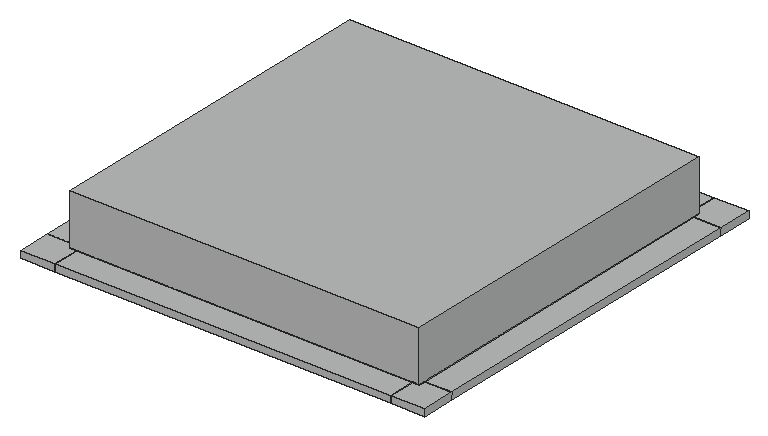
Revit family "ALUMOGIPS", category Осветительные приборы, Revit 2019 (continued)
Types (72, lengths in mm): name | Файл фотометрической сетки | built-in parameter 1150105 | Lumens | built-in parameter 1150106 | built-in parameter 1150142 | Wattage | Emit from Rectangle Width | Emit from Rectangle Length | Длина | Материал светильника | Ширина | ADSK_Ток | ADSK_Полная мощность | ADSK_Обозначение | ADSK_Номинальная мощность | ADSK_Наименование | ADSK_Масса | ADSK_Код изделия
  Alumogips-22/opal-sand 295x295 (IP54, 4000К, белый) | "Светильник ALUMOGIPS-22 OPAL-SAND-(295x295).IES" | 151.2 (stored number, unit not read) | 1900 lm | 1.512 (stored number, unit not read) | "IESNA:LM-63-95\r\n[TEST] Протокол №88\r\n[DATA] 02.08.2016\r\n[MORE] \r\n[MANUFAC] ЗАО \"Центрстройсвет\"\r\n[LUMCAT]  Светильник ALUMOGIPS-22/OPAL-SAND-(295x295)\r\n[LUMINAIRE]\r\n[LAMPCAT] Светодиоды\r\n[LAMP] Поток источника света (светодиодов) не известен\r\n[MORE] КСС приведена в абсолютных величинах кд\r\n[MORE] Вместо потока лампы, указан поток светильника.\r\nTILT=NONE\r\n1    1840 1.0 37 73 1 2 0.295 0.295 0.040\r\n1.0 1.0 23.0\r\n0.0 5.0 10.0 15.0 20.0 25.0 30.0 35.0 40.0 45.0 50.0 55.0 60.0 65.0 70.0 75.0 80.0 85.0 90.0 95.0 100.0 105.0 110.0 115.0 120.0 125.0 130.0 135.0 140.0 145.0 150.0 155.0 160.0 165.0 170.0 175.0 180.0\r\n0.0 5.0 10.0 15.0 20.0 25.0 30.0 35.0 40.0 45.0 50.0 55.0 60.0 65.0 70.0 75.0 80.0 85.0 90.0 95.0 100.0 105.0 110.0 115.0 120.0 125.0 130.0 135.0 140.0 145.0 150.0 155.0 160.0 165.0 170.0 175.0 180.0 185.0 190.0 195.0 200.0 205.0 210.0 215.0 220.0 225.0 230.0 235.0 240.0 245.0 250.0 255.0 260.0 265.0 270.0 275.0 280.0 285.0 290.0 295.0 300.0 305.0 310.0 315.0 320.0 325.0 330.0 335.0 340.0 345.0 350.0 355.0 360.0\r\n704.4 702.6 689.1 668.2 639.7 603.2 562.5 516.5 468.8 417.4 365.6 312.1 259.6 207.6 156.6 108.3 64.3 25.9 1.0 0.0 0.0 0.0 0.0 0.0 0.0 0.0 0.0 0.0 0.0 0.0 0.0 0.0 0.0 0.0 0.0 0.0 0.0\r\n704.4 702.6 688.9 666.9 636.8 601.2 560.9 517.4 467.0 417.5 364.8 312.1 258.9 207.6 156.5 108.3 64.5 26.2 0.8 0.0 0.0 0.0 0.0 0.0 0.0 0.0 0.0 0.0 0.0 0.0 0.0 0.0 0.0 0.0 0.0 0.0 0.0\r\n704.4 702.7 688.1 666.6 636.2 601.8 558.9 514.4 466.5 416.1 364.4 311.1 259.0 206.8 155.7 107.9 64.0 25.6 0.7 0.0 0.0 0.0 0.0 0.0 0.0 0.0 0.0 0.0 0.0 0.0 0.0 0.0 0.0 0.0 0.0 0.0 0.0\r\n704.4 702.8 687.5 665.5 635.7 599.5 558.6 514.9 467.7 415.9 364.3 311.2 257.9 206.3 155.3 107.2 63.6 25.3 0.6 0.0 0.0 0.0 0.0 0.0 0.0 0.0 0.0 0.0 0.0 0.0 0.0 0.0 0.0 0.0 0.0 0.0 0.0\r\n704.4 702.6 687.0 663.7 635.8 599.0 558.1 514.4 465.6 413.9 361.9 310.4 256.5 205.3 154.7 106.6 62.6 24.8 0.4 0.0 0.0 0.0 0.0 0.0 0.0 0.0 0.0 0.0 0.0 0.0 0.0 0.0 0.0 0.0 0.0 0.0 0.0\r\n704.4 702.2 686.0 663.0 633.3 599.1 557.7 512.0 464.8 414.0 362.8 309.2 256.6 205.1 154.2 106.1 62.4 24.4 0.4 0.0 0.0 0.0 0.0 0.0 0.0 0.0 0.0 0.0 0.0 0.0 0.0 0.0 0.0 0.0 0.0 0.0 0.0\r\n704.4 701.7 685.7 662.9 634.4 599.2 558.1 511.9 463.9 414.8 361.7 309.1 256.5 204.4 153.6 105.3 62.2 24.3 0.3 0.0 0.0 0.0 0.0 0.0 0.0 0.0 0.0 0.0 0.0 0.0 0.0 0.0 0.0 0.0 0.0 0.0 0.0\r\n704.4 701.4 685.4 663.3 632.5 597.1 557.3 512.2 463.2 413.2 361.4 307.8 255.6 203.8 153.2 105.6 61.8 24.0 0.3 0.0 0.0 0.0 0.0 0.0 0.0 0.0 0.0 0.0 0.0 0.0 0.0 0.0 0.0 0.0 0.0 0.0 0.0\r\n704.4 701.2 685.3 662.8 633.9 597.9 556.7 511.3 462.0 412.9 360.3 306.8 255.0 203.4 152.9 105.0 62.1 23.8 0.4 0.0 0.0 0.0 0.0 0.0 0.0 0.0 0.0 0.0 0.0 0.0 0.0 0.0 0.0 0.0 0.0 0.0 0.0\r\n704.4 700.7 685.1 661.8 633.2 596.2 556.5 510.9 461.5 411.1 359.4 307.7 255.0 203.8 153.0 104.9 61.9 23.6 0.5 0.0 0.0 0.0 0.0 0.0 0.0 0.0 0.0 0.0 0.0 0.0 0.0 0.0 0.0 0.0 0.0 0.0 0.0\r\n704.4 700.0 684.9 662.8 633.2 597.6 556.4 511.4 461.8 411.3 359.2 307.9 255.0 203.5 152.9 105.5 62.1 23.6 0.3 0.0 0.0 0.0 0.0 0.0 0.0 0.0 0.0 0.0 0.0 0.0 0.0 0.0 0.0 0.0 0.0 0.0 0.0\r\n704.4 699.6 685.0 663.1 633.0 597.9 557.6 511.6 462.2 410.8 359.8 307.8 254.6 203.2 152.9 105.6 62.1 23.9 0.3 0.0 0.0 0.0 0.0 0.0 0.0 0.0 0.0 0.0 0.0 0.0 0.0 0.0 0.0 0.0 0.0 0.0 0.0\r\n704.4 699.4 684.8 662.9 633.0 597.6 556.3 511.4 462.0 412.1 359.9 308.6 255.5 203.3 152.7 105.5 62.7 23.9 0.4 0.0 0.0 0.0 0.0 0.0 0.0 0.0 0.0 0.0 0.0 0.0 0.0 0.0 0.0 0.0 0.0 0.0 0.0\r\n704.4 699.2 685.0 663.9 634.3 597.1 556.9 510.5 462.6 411.5 359.8 308.0 255.2 203.3 153.6 105.4 62.4 24.0 0.4 0.0 0.0 0.0 0.0 0.0 0.0 0.0 0.0 0.0 0.0 0.0 0.0 0.0 0.0 0.0 0.0 0.0 0.0\r\n704.4 698.9 685.3 663.1 633.1 597.7 555.9 511.5 463.6 413.1 360.4 307.4 255.0 203.4 154.1 106.4 62.5 24.2 0.3 0.0 0.0 0.0 0.0 0.0 0.0 0.0 0.0 0.0 0.0 0.0 0.0 0.0 0.0 0.0 0.0 0.0 0.0\r\n704.4 698.8 684.9 662.5 633.7 597.3 557.3 511.4 463.5 412.5 360.6 308.3 256.1 204.5 154.8 106.4 63.3 24.7 0.4 0.0 0.0 0.0 0.0 0.0 0.0 0.0 0.0 0.0 0.0 0.0 0.0 0.0 0.0 0.0 0.0 0.0 0.0\r\n704.4 698.8 685.0 663.1 634.2 598.6 557.7 511.5 463.1 413.4 360.7 309.0 257.0 204.7 154.5 107.2 63.3 25.0 0.4 0.0 0.0 0.0 0.0 0.0 0.0 0.0 0.0 0.0 0.0 0.0 0.0 0.0 0.0 0.0 0.0 0.0 0.0\r\n704.4 698.8 685.9 663.2 634.6 598.3 557.6 511.0 462.3 413.8 361.5 308.8 256.7 205.8 155.4 107.6 63.7 25.3 0.4 0.0 0.0 0.0 0.0 0.0 0.0 0.0 0.0 0.0 0.0 0.0 0.0 0.0 0.0 0.0 0.0 0.0 0.0\r\n704.4 698.9 686.2 663.6 634.2 598.4 558.9 513.7 463.3 414.0 361.2 309.4 257.5 206.4 155.7 108.1 64.2 25.7 0.3 0.0 0.0 0.0 0.0 0.0 0.0 0.0 0.0 0.0 0.0 0.0 0.0 0.0 0.0 0.0 0.0 0.0 0.0\r\n704.4 699.2 685.6 664.1 635.3 599.2 558.5 513.9 465.4 414.1 363.1 310.0 258.5 206.6 156.1 108.2 64.8 26.0 0.4 0.0 0.0 0.0 0.0 0.0 0.0 0.0 0.0 0.0 0.0 0.0 0.0 0.0 0.0 0.0 0.0 0.0 0.0\r\n704.4 699.5 685.9 663.5 635.1 599.6 559.3 514.1 467.4 415.5 363.4 310.4 258.2 207.4 157.0 108.7 65.3 26.4 0.7 0.0 0.0 0.0 0.0 0.0 0.0 0.0 0.0 0.0 0.0 0.0 0.0 0.0 0.0 0.0 0.0 0.0 0.0\r\n704.4 699.6 686.6 665.6 636.2 601.3 560.7 514.4 466.7 415.4 364.2 311.3 259.4 207.8 157.4 109.5 65.4 26.6 0.9 0.0 0.0 0.0 0.0 0.0 0.0 0.0 0.0 0.0 0.0 0.0 0.0 0.0 0.0 0.0 0.0 0.0 0.0\r\n704.4 699.6 687.0 665.5 635.2 600.6 560.0 515.7 467.1 415.8 363.7 312.0 259.9 208.3 157.9 109.9 66.2 27.1 1.0 0.0 0.0 0.0 0.0 0.0 0.0 0.0 0.0 0.0 0.0 0.0 0.0 0.0 0.0 0.0 0.0 0.0 0.0\r\n704.4 699.6 686.9 665.3 638.0 601.8 560.2 516.2 467.8 417.1 364.5 312.6 260.5 209.6 159.0 110.8 66.2 27.7 1.1 0.0 0.0 0.0 0.0 0.0 0.0 0.0 0.0 0.0 0.0 0.0 0.0 0.0 0.0 0.0 0.0 0.0 0.0\r\n704.4 699.6 687.1 666.3 637.6 601.9 561.9 517.1 468.0 418.2 366.8 314.0 261.4 209.4 159.3 111.3 67.0 28.1 1.2 0.0 0.0 0.0 0.0 0.0 0.0 0.0 0.0 0.0 0.0 0.0 0.0 0.0 0.0 0.0 0.0 0.0 0.0\r\n704.4 699.5 687.4 666.7 638.8 602.2 562.2 518.2 469.5 419.1 368.2 314.0 263.2 210.6 159.7 111.6 67.9 28.6 1.4 0.0 0.0 0.0 0.0 0.0 0.0 0.0 0.0 0.0 0.0 0.0 0.0 0.0 0.0 0.0 0.0 0.0 0.0\r\n704.4 699.5 688.3 667.0 640.3 604.3 563.6 518.1 470.6 419.5 367.4 316.1 263.5 211.7 161.4 112.7 68.0 28.9 1.6 0.0 0.0 0.0 0.0 0.0 0.0 0.0 0.0 0.0 0.0 0.0 0.0 0.0 0.0 0.0 0.0 0.0 0.0\r\n704.4 699.3 688.8 667.6 639.8 604.7 565.6 518.5 470.9 421.8 370.5 318.0 264.7 211.6 161.4 113.3 69.3 29.6 1.6 0.0 0.0 0.0 0.0 0.0 0.0 0.0 0.0 0.0 0.0 0.0 0.0 0.0 0.0 0.0 0.0 0.0 0.0\r\n704.4 699.3 689.1 668.0 639.9 605.1 564.7 521.0 473.3 421.7 371.0 317.6 265.9 213.4 162.4 113.9 69.6 30.2 2.1 0.0 0.0 0.0 0.0 0.0 0.0 0.0 0.0 0.0 0.0 0.0 0.0 0.0 0.0 0.0 0.0 0.0 0.0\r\n704.4 699.1 689.5 669.7 641.0 604.7 565.4 521.7 472.9 422.2 371.7 318.9 266.2 213.7 163.0 114.7 70.1 30.7 2.4 0.0 0.0 0.0 0.0 0.0 0.0 0.0 0.0 0.0 0.0 0.0 0.0 0.0 0.0 0.0 0.0 0.0 0.0\r\n704.4 699.0 688.9 668.7 641.2 606.9 567.6 522.5 474.1 423.9 372.7 320.8 267.8 215.3 164.2 115.4 70.6 31.3 2.5 0.0 0.0 0.0 0.0 0.0 0.0 0.0 0.0 0.0 0.0 0.0 0.0 0.0 0.0 0.0 0.0 0.0 0.0\r\n704.4 699.1 688.5 669.3 641.7 607.1 565.5 524.1 474.7 425.6 373.4 320.3 268.0 216.0 165.4 116.1 71.4 31.8 3.2 0.0 0.0 0.0 0.0 0.0 0.0 0.0 0.0 0.0 0.0 0.0 0.0 0.0 0.0 0.0 0.0 0.0 0.0\r\n704.4 699.3 687.9 669.4 641.7 607.2 568.4 524.0 476.6 426.2 374.1 322.1 268.8 217.3 165.9 117.2 72.0 32.4 3.4 0.0 0.0 0.0 0.0 0.0 0.0 0.0 0.0 0.0 0.0 0.0 0.0 0.0 0.0 0.0 0.0 0.0 0.0\r\n704.4 699.4 688.3 668.6 642.5 609.5 569.6 524.7 477.8 427.5 376.1 323.3 270.4 217.7 167.4 118.2 72.9 32.9 3.5 0.0 0.0 0.0 0.0 0.0 0.0 0.0 0.0 0.0 0.0 0.0 0.0 0.0 0.0 0.0 0.0 0.0 0.0\r\n704.4 699.4 689.0 668.7 640.7 609.0 568.7 526.9 479.0 427.9 376.7 323.6 272.1 218.5 168.0 119.1 73.6 33.5 3.7 0.0 0.0 0.0 0.0 0.0 0.0 0.0 0.0 0.0 0.0 0.0 0.0 0.0 0.0 0.0 0.0 0.0 0.0\r\n704.4 699.5 689.2 670.1 641.2 608.9 569.2 524.1 478.5 427.1 377.3 325.0 272.3 219.8 169.2 119.9 74.3 34.5 4.2 0.0 0.0 0.0 0.0 0.0 0.0 0.0 0.0 0.0 0.0 0.0 0.0 0.0 0.0 0.0 0.0 0.0 0.0\r\n704.4 699.5 689.2 669.3 642.5 609.2 569.8 524.5 479.5 428.4 376.6 325.2 272.4 220.9 169.5 120.1 74.4 34.4 4.3 0.0 0.0 0.0 0.0 0.0 0.0 0.0 0.0 0.0 0.0 0.0 0.0 0.0 0.0 0.0 0.0 0.0 0.0\r\n704.4 699.2 689.2 669.9 643.4 609.4 571.0 527.6 480.8 430.3 377.8 326.1 273.4 220.9 169.5 120.2 74.5 34.1 3.9 0.0 0.0 0.0 0.0 0.0 0.0 0.0 0.0 0.0 0.0 0.0 0.0 0.0 0.0 0.0 0.0 0.0 0.0\r\n704.4 698.9 689.2 670.5 644.2 611.7 573.5 529.4 482.3 431.6 378.4 327.7 274.1 222.2 170.4 120.8 75.0 34.6 4.3 0.0 0.0 0.0 0.0 0.0 0.0 0.0 0.0 0.0 0.0 0.0 0.0 0.0 0.0 0.0 0.0 0.0 0.0\r\n704.4 698.9 690.0 671.1 646.9 613.4 573.6 530.0 481.1 432.2 380.0 327.9 274.9 222.2 170.8 121.1 75.6 35.3 4.2 0.0 0.0 0.0 0.0 0.0 0.0 0.0 0.0 0.0 0.0 0.0 0.0 0.0 0.0 0.0 0.0 0.0 0.0\r\n704.4 699.3 690.7 674.8 647.7 612.5 573.7 529.4 482.0 432.1 380.6 327.7 274.6 222.1 170.6 121.7 76.0 35.6 4.5 0.0 0.0 0.0 0.0 0.0 0.0 0.0 0.0 0.0 0.0 0.0 0.0 0.0 0.0 0.0 0.0 0.0 0.0\r\n704.4 699.9 691.7 675.0 647.1 613.1 573.0 530.7 482.3 432.6 379.8 328.5 274.7 223.2 171.5 122.3 76.3 35.9 5.0 0.0 0.0 0.0 0.0 0.0 0.0 0.0 0.0 0.0 0.0 0.0 0.0 0.0 0.0 0.0 0.0 0.0 0.0\r\n704.4 700.4 692.9 673.4 646.5 612.9 575.2 531.6 483.1 433.1 381.9 328.2 276.3 222.1 172.0 122.8 76.9 36.2 5.1 0.0 0.0 0.0 0.0 0.0 0.0 0.0 0.0 0.0 0.0 0.0 0.0 0.0 0.0 0.0 0.0 0.0 0.0\r\n704.4 700.6 693.5 673.9 647.0 612.9 573.5 531.0 482.4 433.7 382.3 328.8 276.2 223.2 172.6 123.3 77.4 36.6 5.1 0.0 0.0 0.0 0.0 0.0 0.0 0.0 0.0 0.0 0.0 0.0 0.0 0.0 0.0 0.0 0.0 0.0 0.0\r\n704.4 700.7 693.7 673.1 648.0 613.9 574.3 531.3 483.3 432.8 382.1 329.2 275.7 223.6 172.8 123.4 77.8 36.9 4.9 0.0 0.0 0.0 0.0 0.0 0.0 0.0 0.0 0.0 0.0 0.0 0.0 0.0 0.0 0.0 0.0 0.0 0.0\r\n704.4 701.1 693.8 674.8 647.2 613.5 575.2 531.8 483.2 434.1 382.5 328.9 276.7 223.3 172.7 123.9 77.9 37.4 5.0 0.0 0.0 0.0 0.0 0.0 0.0 0.0 0.0 0.0 0.0 0.0 0.0 0.0 0.0 0.0 0.0 0.0 0.0\r\n704.4 701.8 693.2 673.7 647.8 613.7 574.8 529.9 484.5 434.8 382.6 330.3 276.0 223.9 173.4 124.4 78.3 37.7 5.0 0.0 0.0 0.0 0.0 0.0 0.0 0.0 0.0 0.0 0.0 0.0 0.0 0.0 0.0 0.0 0.0 0.0 0.0\r\n704.4 702.4 693.0 674.7 647.5 613.7 574.7 531.6 484.4 433.5 382.7 330.5 276.0 224.0 173.7 124.4 78.8 37.9 4.7 0.0 0.0 0.0 0.0 0.0 0.0 0.0 0.0 0.0 0.0 0.0 0.0 0.0 0.0 0.0 0.0 0.0 0.0\r\n704.4 702.9 693.1 673.7 646.9 614.1 575.5 531.6 485.4 434.0 382.7 330.7 276.9 224.2 173.3 124.5 79.1 38.3 4.4 0.0 0.0 0.0 0.0 0.0 0.0 0.0 0.0 0.0 0.0 0.0 0.0 0.0 0.0 0.0 0.0 0.0 0.0\r\n704.4 703.3 693.4 673.6 647.7 614.5 574.9 531.1 484.2 434.6 382.2 329.8 277.1 224.6 173.1 124.5 78.9 38.1 4.9 0.0 0.0 0.0 0.0 0.0 0.0 0.0 0.0 0.0 0.0 0.0 0.0 0.0 0.0 0.0 0.0 0.0 0.0\r\n704.4 703.5 692.8 673.5 646.9 613.2 574.9 530.4 485.0 432.4 382.8 329.5 277.0 223.9 173.7 124.3 78.8 38.0 5.3 0.0 0.0 0.0 0.0 0.0 0.0 0.0 0.0 0.0 0.0 0.0 0.0 0.0 0.0 0.0 0.0 0.0 0.0\r\n704.4 703.6 692.6 673.2 647.2 613.2 573.5 530.2 483.8 433.3 382.1 329.2 277.1 224.4 172.8 124.4 78.9 38.0 4.9 0.0 0.0 0.0 0.0 0.0 0.0 0.0 0.0 0.0 0.0 0.0 0.0 0.0 0.0 0.0 0.0 0.0 0.0\r\n704.4 703.7 692.8 672.6 647.2 614.4 573.5 530.9 482.8 433.6 380.9 329.2 276.5 224.5 172.9 124.0 78.7 37.8 4.9 0.0 0.0 0.0 0.0 0.0 0.0 0.0 0.0 0.0 0.0 0.0 0.0 0.0 0.0 0.0 0.0 0.0 0.0\r\n704.4 703.8 692.6 673.2 647.0 612.4 573.2 530.1 482.8 432.7 380.9 328.7 276.1 224.2 172.8 123.6 78.2 37.4 5.0 0.0 0.0 0.0 0.0 0.0 0.0 0.0 0.0 0.0 0.0 0.0 0.0 0.0 0.0 0.0 0.0 0.0 0.0\r\n704.4 703.6 693.0 674.0 646.0 613.3 572.9 529.7 482.7 431.7 379.7 327.7 275.3 223.6 172.8 123.2 77.9 37.1 4.7 0.0 0.0 0.0 0.0 0.0 0.0 0.0 0.0 0.0 0.0 0.0 0.0 0.0 0.0 0.0 0.0 0.0 0.0\r\n704.4 703.2 693.3 671.6 645.9 611.7 572.1 528.4 482.6 432.2 380.7 327.6 274.6 222.7 171.5 123.0 77.5 36.7 4.5 0.0 0.0 0.0 0.0 0.0 0.0 0.0 0.0 0.0 0.0 0.0 0.0 0.0 0.0 0.0 0.0 0.0 0.0\r\n704.4 703.1 692.8 671.5 645.0 611.3 572.6 526.8 480.5 432.1 379.2 327.0 274.1 221.6 170.8 122.4 77.0 36.3 4.1 0.0 0.0 0.0 0.0 0.0 0.0 0.0 0.0 0.0 0.0 0.0 0.0 0.0 0.0 0.0 0.0 0.0 0.0\r\n704.4 703.3 692.3 671.6 644.6 611.4 570.3 526.6 479.8 430.3 378.7 326.0 273.2 220.7 170.1 121.6 76.1 35.7 3.9 0.0 0.0 0.0 0.0 0.0 0.0 0.0 0.0 0.0 0.0 0.0 0.0 0.0 0.0 0.0 0.0 0.0 0.0\r\n704.4 703.4 692.1 673.0 644.7 610.0 571.1 525.9 478.7 429.2 377.2 324.8 271.8 219.9 169.3 120.3 75.5 35.2 3.5 0.0 0.0 0.0 0.0 0.0 0.0 0.0 0.0 0.0 0.0 0.0 0.0 0.0 0.0 0.0 0.0 0.0 0.0\r\n704.4 703.3 692.0 671.7 643.8 610.5 570.5 526.6 477.8 429.3 377.1 324.6 272.1 219.3 168.4 119.6 74.7 34.2 3.6 0.0 0.0 0.0 0.0 0.0 0.0 0.0 0.0 0.0 0.0 0.0 0.0 0.0 0.0 0.0 0.0 0.0 0.0\r\n704.4 703.2 691.7 671.4 643.3 607.8 570.3 524.8 477.5 427.2 375.8 323.5 270.4 218.3 167.6 118.9 73.6 33.5 3.3 0.0 0.0 0.0 0.0 0.0 0.0 0.0 0.0 0.0 0.0 0.0 0.0 0.0 0.0 0.0 0.0 0.0 0.0\r\n704.4 703.2 691.3 670.4 642.9 608.1 568.6 525.2 476.3 426.8 374.1 322.6 268.8 216.9 165.8 117.8 73.0 32.9 2.7 0.0 0.0 0.0 0.0 0.0 0.0 0.0 0.0 0.0 0.0 0.0 0.0 0.0 0.0 0.0 0.0 0.0 0.0\r\n704.4 703.2 691.0 670.9 642.3 607.5 567.5 522.3 477.0 426.7 373.5 321.2 267.9 216.0 165.2 116.7 71.6 32.1 2.8 0.0 0.0 0.0 0.0 0.0 0.0 0.0 0.0 0.0 0.0 0.0 0.0 0.0 0.0 0.0 0.0 0.0 0.0\r\n704.4 703.3 690.4 669.1 641.2 607.4 565.7 523.3 473.7 425.1 373.6 320.5 267.1 214.8 164.2 115.8 70.8 31.5 2.0 0.0 0.0 0.0 0.0 0.0 0.0 0.0 0.0 0.0 0.0 0.0 0.0 0.0 0.0 0.0 0.0 0.0 0.0\r\n704.4 703.4 689.7 669.6 640.7 607.3 565.0 521.8 475.0 423.5 372.9 318.9 265.5 214.0 163.2 114.6 70.2 30.5 2.0 0.0 0.0 0.0 0.0 0.0 0.0 0.0 0.0 0.0 0.0 0.0 0.0 0.0 0.0 0.0 0.0 0.0 0.0\r\n704.4 703.4 689.7 668.8 640.3 605.8 566.4 519.9 474.4 423.7 370.8 318.1 265.5 212.7 162.1 113.5 68.9 29.8 2.0 0.0 0.0 0.0 0.0 0.0 0.0 0.0 0.0 0.0 0.0 0.0 0.0 0.0 0.0 0.0 0.0 0.0 0.0\r\n704.4 703.4 690.2 667.6 639.0 606.2 565.0 519.0 472.4 422.7 370.1 317.7 263.8 212.1 161.1 112.8 68.2 29.0 2.0 0.0 0.0 0.0 0.0 0.0 0.0 0.0 0.0 0.0 0.0 0.0 0.0 0.0 0.0 0.0 0.0 0.0 0.0\r\n704.4 703.2 690.1 667.2 639.6 602.9 563.5 519.7 471.9 421.7 368.7 316.5 262.8 211.0 160.3 111.9 67.5 28.3 1.6 0.0 0.0 0.0 0.0 0.0 0.0 0.0 0.0 0.0 0.0 0.0 0.0 0.0 0.0 0.0 0.0 0.0 0.0\r\n704.4 703.1 689.6 667.3 637.8 603.3 562.7 517.3 470.1 419.4 368.0 315.2 261.9 210.6 159.0 110.9 66.6 27.9 1.1 0.0 0.0 0.0 0.0 0.0 0.0 0.0 0.0 0.0 0.0 0.0 0.0 0.0 0.0 0.0 0.0 0.0 0.0\r\n704.4 703.1 689.9 668.7 638.6 603.3 561.3 518.8 468.9 418.8 367.0 314.2 262.0 208.7 158.3 110.1 65.9 27.3 1.0 0.0 0.0 0.0 0.0 0.0 0.0 0.0 0.0 0.0 0.0 0.0 0.0 0.0 0.0 0.0 0.0 0.0 0.0\r\n704.4 703.1 689.9 667.6 639.0 603.4 561.3 516.7 468.8 418.8 365.3 313.8 260.7 208.2 156.8 109.3 65.1 26.7 1.0 0.0 0.0 0.0 0.0 0.0 0.0 0.0 0.0 0.0 0.0 0.0 0.0 0.0 0.0 0.0 0.0 0.0 0.0\r\n704.4 702.8 689.4 668.0 639.3 603.2 562.9 517.1 467.8 418.2 366.4 312.6 259.9 207.7 156.4 108.1 64.3 25.9 1.0 0.0 0.0 0.0 0.0 0.0 0.0 0.0 0.0 0.0 0.0 0.0 0.0 0.0 0.0 0.0 0.0 0.0 0.0\r\n704.4 702.6 689.1 668.2 639.7 603.2 562.5 516.5 468.8 417.4 365.6 312.1 259.6 207.6 156.6 108.3 64.3 25.9 1.0 0.0 0.0 0.0 0.0 0.0 0.0 0.0 0.0 0.0 0.0 0.0 0.0 0.0 0.0 0.0 0.0 0.0 0.0\r\n" | 12.791 W | 275 | 275 | 295 | RAL 9001 | 295 | 0.10397 A | 23.913 VA | "Alumogips-22/opal-sand 295x295 (IP54, 4000К, белый)" | 22 W | "Встраиваемый светодиодный светильник Alumogips-22/opal-sand 295x295 (IP54, 4000К, белый)" | 1 | "ЦБ000007753"
